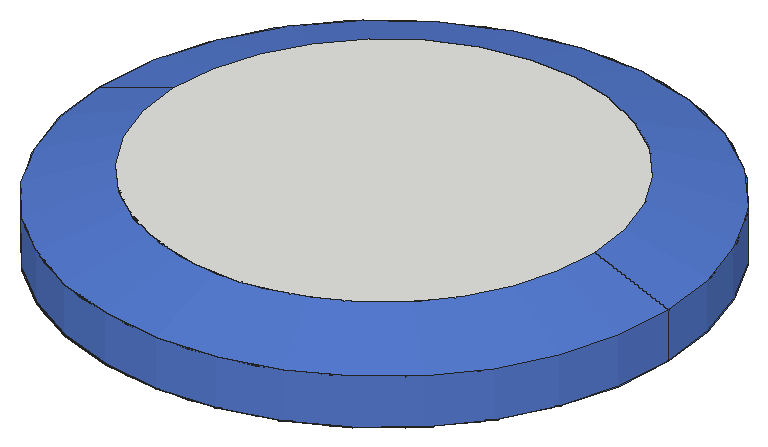
Revit family "ASL10R", category Lighting Fixtures, host Face, Revit 2014
Parameters (values of type "Flush")
  second end = Length + 0.01"  # 0.01"
  Wattage = 9.2903 W
  Warranty = "5-Years Warranty"  # constant formula
  built-in parameter 1150110 = 1 (stored number, unit not read)
  Voltage = 120 V
  Type Comments = "Lighting Fixture"  # constant formula
  built-in parameter 1114217 = 1 (stored number, unit not read)
  Tilt Angle = -120.00°
  built-in parameter 1150109 = 1 (stored number, unit not read)
  built-in parameter 1150134 = 3
  built-in parameter 1150113 = 1 (stored number, unit not read)
  Product Page URL = "https://www.hubbell.com/hubbelllightingci/en/Products/Lighting-Controls/Commercial-Outdoor-Lighting/Step-Lights/Steplights---10-Large/p/220846"
  Product Documentation Link = "https://hubbellcdn.com/specsheet/aal_asl10r_spec.pdf"
  Power Factor = 1
  Photometric Web File = "ASL10-RD-EYE-50MH (1).IES"
  Photometric Notes = "More IES files download on Photometric Link"  # constant formula
  Photometric Link = "https://www.hubbell.com/hubbelllightingci/en/Products/Lighting-Controls/Emergency-Exit-Lighting/Emergency-Lighting-Units/CRU/p/2126540"
  Wattage Comments = "12W"
  URL = "https://www.hubbell.com/architecturalarealighting/en/"
  Mounting = "Wall"  # constant formula
  Model = "Steplights 10 Large"  # constant formula
  Manufacturer = "Architectural Arealighting"  # constant formula
  built-in parameter 1150105 = 109.82 (stored number, unit not read)
  Lumens = 1380 lm
  built-in parameter 1150115 = 1 (stored number, unit not read)
  Load Classification = Lighting
  built-in parameter 1150137 = (empty or 0)
  built-in parameter 1150139 = (empty or 0)
  Length = 0.00"
  built-in parameter 1150112 = 1 (stored number, unit not read)
  built-in parameter 1150114 = 1 (stored number, unit not read)
  Lamp = "LED"  # constant formula
  built-in parameter 1150132 = (empty or 0)
  built-in parameter 1150102 = (empty or 0)
  built-in parameter 1150107 = 3200 (stored number, unit not read)
  built-in parameter 1150138 = (empty or 0)
  built-in parameter 1150106 = 1.0982 (stored number, unit not read)
  Glass = Glass - Hubbell - White
  First end = 0.85"
  Fascia Design [instance] = Fascia : Frosted Lens
  Emit from Circle Diameter = 11.00"
  Emit Shape Visible in Rendering = no
  built-in parameter 1150104 = 13.8 (stored number, unit not read)
  Dimming Lamp Color Temperature Shift = <None>
  Description = "The Steplights collection brings you a full palette of designs with exceptional lighting performance. Choose from 2 shapes, 2 materials, 2 sizes, 3 fascia designs, and 3 mounting options to best suit your applications. AAL's large Steplights is available with a 10-watt energy-efficient and long life LED system"  # constant formula
  Default Elevation = 48.00"
  Create Date = "10/01/2018"  # constant formula
  Copyright = "Copyright © 2018 Architectural Arealighting"  # constant formula
  Contact Us = "https://www.hubbell.com/hubbelllightingci/en/contactUs?productId=220846"
  Housing Material = Metal - Hubbell - Aluminum, Anodized Blue
  Color Filter = 16777215
  built-in parameter 1114218 = 1 (stored number, unit not read)
  built-in parameter 1150133 = 10 (stored number, unit not read)
  Assembly Code = "D5020200"
  Apparent Load = 0 VA
Types (4): name | second end | Length
  (no name) | 0.01" | 0.00"
  Flush | 0.01" | 0.00"
  Semi-recessed | 2.69" | 2.68"
  Surface | 7.90" | 7.89"
Reference planes (in)
  plane 1 "Center (Front/Back)": y = 13.01342
  plane 2: z = 0
  plane 3 "Center (Left/Right)": x = 0
  plane 4: z = 4
  plane 5: z = 9.2
Forms (in)
  Extrusion 1, solid, material "Metal - Hubbell - Aluminum, Anodized Blue" <- "Housing Material"
    sketch origin (0, -0.125, 0) x (1, 0, 0) y (0, 1, 0)
      loop
        circle (0, 13.13842) r 5.25
    from 0 to 0.01 <- "second end"
Lines and regions (in)
  reference lines
    curve 1: line (-11.5, 13.01342, 0) -> (14.25, 13.01342, 0)
Dimensions and locks (in)
  "Length": curve 1 to plane 2
  plane 5 to plane 4 to plane 2 = 5.20", 4.00"
  plane 5 to plane 2 = 9.20"
  nested 1 to curve 1 = 1.40"
  aligned and locked: plane 2 to host face
  aligned and locked: level to host face
  aligned and locked: plane 3 "Center (Left/Right)" to nested 1
  aligned and locked: plane 3 "Center (Left/Right)" to Extrusion 1 sketch curve
  aligned and locked: plane 1 "Center (Front/Back)" to Extrusion 1 sketch curve
  aligned and locked: curve 1 to nested 1
Automatic sketch dimensions
  host sketch curve to host sketch curve = 96.00"  (x2)
  curve 1 to plane 3 "Center (Left/Right)" = 11.50"
  plane 3 "Center (Left/Right)" to curve 1 = 14.25"
  radius of Extrusion 1 sketch curve = 5.25"
Nested families (in)
  nested 1: "Fascia" at (0, 13.01342, 0), type <- "Fascia Design", type "Frosted Lens"
Definition of nested family "Fascia"
  Parameters (values of type "Linear Spread lens")
    second end = 1.31"
    RD-Eye Eyelid = no
    Linear Spread = yes
    Glass = Glass - Hubbell - White
    First end = 0.85"
    Face Material = Metal-Hubbell-Aluminum Anodized Blue
    Cross = no
  Types (5): name | RD-Eye Eyelid | Linear Spread | Glass | Cross
    Frosted Lens | no | no | Steel, Non-Alloy | no
    Linear Spread lens | no | yes | Glass - Hubbell - White | no
    Cross Frosted Lens | no | no | Glass - Hubbell - White | yes
    Cross Linear Spread lens | no | yes | Glass - Hubbell - White | yes
    RD Eye Eyelid | yes | yes | Glass - Hubbell - White | no
  Reference planes (in)
    plane 1 "Center (Front/Back)": y = 0
    plane 2: z = 0
    plane 3 "Center (Left/Right)": x = 0
  Forms (in)
    Extrusion 1, solid, material "Metal-Hubbell-Aluminum Anodized Blue" <- "Face Material"
      sketch origin (0, 0, 0) x (1, 0, 0) y (0, 1, 0)
        loop
          circle (0, 0) r 5.25
      from 0 to 0.85
    Blend 2, solid, material "Metal-Hubbell-Aluminum Anodized Blue" <- "Face Material"
      base sketch origin (0, 0, 0.85) x (1, 0, 0) y (0, 1, 0)
        loop
          circle (0, 0) r 5.25
      top sketch origin (0, 0, 0.85) x (1, 0, 0) y (0, 1, 0)
        loop
          circle (0, 0) r 3.875
      from 0 to 0.46
    Extrusion 3, solid, material "Metal-Hubbell-Aluminum Anodized Blue" <- "Face Material", visible <- "Cross"
      sketch origin (0, 0, 0) x (1, 0, 0) y (0, 1, 0)
        loop
          line (-0.22051, 3.86872) -> (-0.22051, 0.2159) -> (-3.87333, 0.21235) -> (-3.87291, -0.22034) -> (-0.22051, -0.21679) -> (-0.22051, -3.86919) -> (0.21218, -3.86919) -> (0.21218, -0.21637) -> (3.865, -0.21281) -> (3.86457, 0.21988) -> (0.21218, 0.21632) -> (0.21218, 3.86872) -> (-0.22051, 3.86872)
      from 1.31 to 1.4
    Revolve 4, solid, material "Metal-Hubbell-Aluminum Anodized Blue" <- "Face Material", visible <- "RD-Eye Eyelid"
      sketch origin (0, 0, 0) x (1, 0, 0) y (0, 1, 0)
        loop
          line (-4.19033, 0) -> (-4.11052, 0)
          arc (-4.11052, 0) -> (0, 4.11052) -> (4.11052, 0) r 4.11052
          line (4.11052, 0) -> (4.19033, 0)
          arc (4.19033, 0) -> (0, 4.19033) -> (-4.19033, 0) r 4.19033
        axis (4.19033, 0) -> (-4.19033, 0)
      angle from -90 to 0
    Extrusion 5, solid, material "Glass - Hubbell - White" <- "Glass", visible <- "Linear Spread"
      sketch origin (0, 0, 0) x (1, 0, 0) y (0, 1, 0)
        loop
          circle (0, 0) r 3.875
      from 1.31 to 1.36098
    Extrusion 6, void
      sketch origin (0, 0, 0) x (1, 0, 0) y (0, 1, 0)
        loop
          arc (-3.82666, -0.61017) -> (-3.7992, -0.76271) -> (-3.76566, -0.91402) r 3.875
          line (-3.76566, -0.91402) -> (-3.76566, 0.91402)
          arc (-3.76566, 0.91402) -> (-3.7992, 0.76271) -> (-3.82666, 0.61017) r 3.875
          line (-3.82666, 0.61017) -> (-3.82666, -0.61017)
        loop
          arc (-3.57666, -1.49102) -> (-3.54684, -1.56063) -> (-3.51566, -1.62965) r 3.875
          line (-3.51566, -1.62965) -> (-3.51566, 1.62965)
          arc (-3.51566, 1.62965) -> (-3.54684, 1.56063) -> (-3.57666, 1.49102) r 3.875
          line (-3.57666, 1.49102) -> (-3.57666, -1.49102)
        loop
          arc (-3.28311, -2.05836) -> (-3.25295, -2.1057) -> (-3.22211, -2.15259) r 3.875
          line (-3.22211, -2.15259) -> (-3.22211, 2.15259)
          arc (-3.22211, 2.15259) -> (-3.25295, 2.1057) -> (-3.28311, 2.05836) r 3.875
          line (-3.28311, 2.05836) -> (-3.28311, -2.05836)
        loop
          arc (-3.03311, -2.41162) -> (-3.00284, -2.4492) -> (-2.97211, -2.4864) r 3.875
          line (-2.97211, -2.4864) -> (-2.97211, 2.4864)
          arc (-2.97211, 2.4864) -> (-3.00284, 2.4492) -> (-3.03311, 2.41162) r 3.875
          line (-3.03311, 2.41162) -> (-3.03311, -2.41162)
        loop
          arc (-2.78311, -2.69628) -> (-2.75278, -2.72724) -> (-2.72211, -2.75785) r 3.875
          line (-2.72211, -2.75785) -> (-2.72211, 2.75785)
          arc (-2.72211, 2.75785) -> (-2.75278, 2.72724) -> (-2.78311, 2.69628) r 3.875
          line (-2.78311, 2.69628) -> (-2.78311, -2.69628)
        loop
          arc (-2.53311, -2.9324) -> (-2.50274, -2.95836) -> (-2.47211, -2.98401) r 3.875
          line (-2.47211, -2.98401) -> (-2.47211, 2.98401)
          arc (-2.47211, 2.98401) -> (-2.50274, 2.95836) -> (-2.53311, 2.9324) r 3.875
          line (-2.53311, 2.9324) -> (-2.53311, -2.9324)
        loop
          arc (-2.28311, -3.13098) -> (-2.25271, -3.15292) -> (-2.22211, -3.17457) r 3.875
          line (-2.22211, -3.17457) -> (-2.22211, 3.17457)
          arc (-2.22211, 3.17457) -> (-2.25271, 3.15292) -> (-2.28311, 3.13098) r 3.875
          line (-2.28311, 3.13098) -> (-2.28311, -3.13098)
        loop
          arc (-2.03311, -3.2988) -> (-2.00269, -3.31736) -> (-1.97211, -3.33563) r 3.875
          line (-1.97211, -3.33563) -> (-1.97211, 3.33563)
          arc (-1.97211, 3.33563) -> (-2.00269, 3.31736) -> (-2.03311, 3.2988) r 3.875
          line (-2.03311, 3.2988) -> (-2.03311, -3.2988)
        loop
          arc (-1.78311, -3.44037) -> (-1.75267, -3.45597) -> (-1.72211, -3.47131) r 3.875
          line (-1.72211, -3.47131) -> (-1.72211, 3.47131)
          arc (-1.72211, 3.47131) -> (-1.75267, 3.45597) -> (-1.78311, 3.44037) r 3.875
          line (-1.78311, 3.44037) -> (-1.78311, -3.44037)
        loop
          arc (-1.53311, -3.55882) -> (-1.50266, -3.57178) -> (-1.47211, -3.58448) r 3.875
          line (-1.47211, -3.58448) -> (-1.47211, 3.58448)
          arc (-1.47211, 3.58448) -> (-1.50266, 3.57178) -> (-1.53311, 3.55882) r 3.875
          line (-1.53311, 3.55882) -> (-1.53311, -3.55882)
        loop
          arc (-1.28311, -3.6564) -> (-1.25265, -3.66695) -> (-1.22211, -3.67724) r 3.875
          line (-1.22211, -3.67724) -> (-1.22211, 3.67724)
          arc (-1.22211, 3.67724) -> (-1.25265, 3.66695) -> (-1.28311, 3.6564) r 3.875
          line (-1.28311, 3.6564) -> (-1.28311, -3.6564)
        loop
          arc (-1.03311, -3.73474) -> (-1.00264, -3.74304) -> (-0.97211, -3.75108) r 3.875
          line (-0.97211, -3.75108) -> (-0.97211, 3.75108)
          arc (-0.97211, 3.75108) -> (-1.00264, 3.74304) -> (-1.03311, 3.73474) r 3.875
          line (-1.03311, 3.73474) -> (-1.03311, -3.73474)
        loop
          arc (-0.78311, -3.79505) -> (-0.75263, -3.80121) -> (-0.72211, -3.80712) r 3.875
          line (-0.72211, -3.80712) -> (-0.72211, 3.80712)
          arc (-0.72211, 3.80712) -> (-0.75263, 3.80121) -> (-0.78311, 3.79505) r 3.875
          line (-0.78311, 3.79505) -> (-0.78311, -3.79505)
        loop
          arc (-0.47283, -3.84604) -> (-0.44234, -3.84967) -> (-0.41183, -3.85305) r 3.875
          line (-0.41183, -3.85305) -> (-0.41183, 3.85305)
          arc (-0.41183, 3.85305) -> (-0.44234, 3.84967) -> (-0.47283, 3.84604) r 3.875
          line (-0.47283, 3.84604) -> (-0.47283, -3.84604)
        loop
          arc (-0.22283, -3.86859) -> (-0.19233, -3.87022) -> (-0.16183, -3.87162) r 3.875
          line (-0.16183, -3.87162) -> (-0.16183, 3.87162)
          arc (-0.16183, 3.87162) -> (-0.19233, 3.87022) -> (-0.22283, 3.86859) r 3.875
          line (-0.22283, 3.86859) -> (-0.22283, -3.86859)
        loop
          arc (0.04309, -3.87476) -> (0.08741, -3.87401) -> (0.13172, -3.87276) r 3.875
          line (0.13172, -3.87276) -> (0.13172, 3.87276)
          arc (0.13172, 3.87276) -> (0.08741, 3.87401) -> (0.04309, 3.87476) r 3.875
          line (0.04309, 3.87476) -> (0.04309, -3.87476)
        loop
          arc (0.32072, -3.8617) -> (0.35123, -3.85905) -> (0.38172, -3.85615) r 3.875
          line (0.38172, -3.85615) -> (0.38172, 3.85615)
          arc (0.38172, 3.85615) -> (0.35123, 3.85905) -> (0.32072, 3.8617) r 3.875
          line (0.32072, 3.8617) -> (0.32072, -3.8617)
        loop
          arc (0.57072, -3.83274) -> (0.60124, -3.82807) -> (0.63172, -3.82316) r 3.875
          line (0.63172, -3.82316) -> (0.63172, 3.82316)
          arc (0.63172, 3.82316) -> (0.60124, 3.82807) -> (0.57072, 3.83274) r 3.875
          line (0.57072, 3.83274) -> (0.57072, -3.83274)
        loop
          arc (0.82072, -3.78709) -> (0.85125, -3.78034) -> (0.88172, -3.77335) r 3.875
          line (0.88172, -3.77335) -> (0.88172, 3.77335)
          arc (0.88172, 3.77335) -> (0.85125, 3.78034) -> (0.82072, 3.78709) r 3.875
          line (0.82072, 3.78709) -> (0.82072, -3.78709)
        loop
          arc (1.07072, -3.72413) -> (1.10126, -3.71522) -> (1.13172, -3.70605) r 3.875
          line (1.13172, -3.70605) -> (1.13172, 3.70605)
          arc (1.13172, 3.70605) -> (1.10126, 3.71522) -> (1.07072, 3.72413) r 3.875
          line (1.07072, 3.72413) -> (1.07072, -3.72413)
        loop
          arc (1.32072, -3.64298) -> (1.35127, -3.63176) -> (1.38172, -3.62029) r 3.875
          line (1.38172, -3.62029) -> (1.38172, 3.62029)
          arc (1.38172, 3.62029) -> (1.35127, 3.63176) -> (1.32072, 3.64298) r 3.875
          line (1.32072, 3.64298) -> (1.32072, -3.64298)
        loop
          arc (1.57072, -3.54238) -> (1.60128, -3.52867) -> (1.63172, -3.5147) r 3.875
          line (1.63172, -3.5147) -> (1.63172, 3.5147)
          arc (1.63172, 3.5147) -> (1.60128, 3.52867) -> (1.57072, 3.54238) r 3.875
          line (1.57072, 3.54238) -> (1.57072, -3.54238)
        loop
          arc (1.82072, -3.42061) -> (1.8513, -3.40416) -> (1.88172, -3.38744) r 3.875
          line (1.88172, -3.38744) -> (1.88172, 3.38744)
          arc (1.88172, 3.38744) -> (1.8513, 3.40416) -> (1.82072, 3.42061) r 3.875
          line (1.82072, 3.42061) -> (1.82072, -3.42061)
        loop
          arc (2.07072, -3.27532) -> (2.10132, -3.25578) -> (2.13172, -3.23595) r 3.875
          line (2.13172, -3.23595) -> (2.13172, 3.23595)
          arc (2.13172, 3.23595) -> (2.10132, 3.25578) -> (2.07072, 3.27532) r 3.875
          line (2.07072, 3.27532) -> (2.07072, -3.27532)
        loop
          arc (2.32072, -3.1032) -> (2.35134, -3.08007) -> (2.38172, -3.05664) r 3.875
          line (2.38172, -3.05664) -> (2.38172, 3.05664)
          arc (2.38172, 3.05664) -> (2.35134, 3.08007) -> (2.32072, 3.1032) r 3.875
          line (2.32072, 3.1032) -> (2.32072, -3.1032)
        loop
          arc (2.57072, -2.89948) -> (2.60137, -2.87202) -> (2.63172, -2.84423) r 3.875
          line (2.63172, -2.84423) -> (2.63172, 2.84423)
          arc (2.63172, 2.84423) -> (2.60137, 2.87202) -> (2.57072, 2.89948) r 3.875
          line (2.57072, 2.89948) -> (2.57072, -2.89948)
        loop
          arc (2.74957, -2.73048) -> (2.78024, -2.69924) -> (2.81057, -2.66765) r 3.875
          line (2.81057, -2.66765) -> (2.81057, 2.66765)
          arc (2.81057, 2.66765) -> (2.78024, 2.69924) -> (2.74957, 2.73048) r 3.875
          line (2.74957, 2.73048) -> (2.74957, -2.73048)
        loop
          arc (2.99957, -2.45321) -> (3.03031, -2.41513) -> (3.06057, -2.37667) r 3.875
          line (3.06057, -2.37667) -> (3.06057, 2.37667)
          arc (3.06057, 2.37667) -> (3.03031, 2.41513) -> (2.99957, 2.45321) r 3.875
          line (2.99957, 2.45321) -> (2.99957, -2.45321)
        loop
          arc (3.29312, -2.0423) -> (3.32401, -1.99163) -> (3.35412, -1.94049) r 3.875
          line (3.35412, -1.94049) -> (3.35412, 1.94049)
          arc (3.35412, 1.94049) -> (3.32401, 1.99163) -> (3.29312, 2.0423) r 3.875
          line (3.29312, 2.0423) -> (3.29312, -2.0423)
        loop
          arc (3.54312, -1.56906) -> (3.57436, -1.49652) -> (3.60412, -1.42336) r 3.875
          line (3.60412, -1.42336) -> (3.60412, 1.42336)
          arc (3.60412, 1.42336) -> (3.57436, 1.49652) -> (3.54312, 1.56906) r 3.875
          line (3.54312, 1.56906) -> (3.54312, -1.56906)
        loop
          arc (3.79312, -0.79239) -> (3.8286, -0.59785) -> (3.85412, -0.40175) r 3.875
          line (3.85412, -0.40175) -> (3.85412, 0.40175)
          arc (3.85412, 0.40175) -> (3.8286, 0.59785) -> (3.79312, 0.79239) r 3.875
          line (3.79312, 0.79239) -> (3.79312, -0.79239)
      from 1.33466 to 1.36098
  Cuts and joins
    Extrusion 6 cuts Extrusion 1
    Extrusion 6 cuts Extrusion 5
  Dimensions and locks (in)
    aligned and locked: plane 2 to level
    aligned and locked: Extrusion 3 to Blend 2
